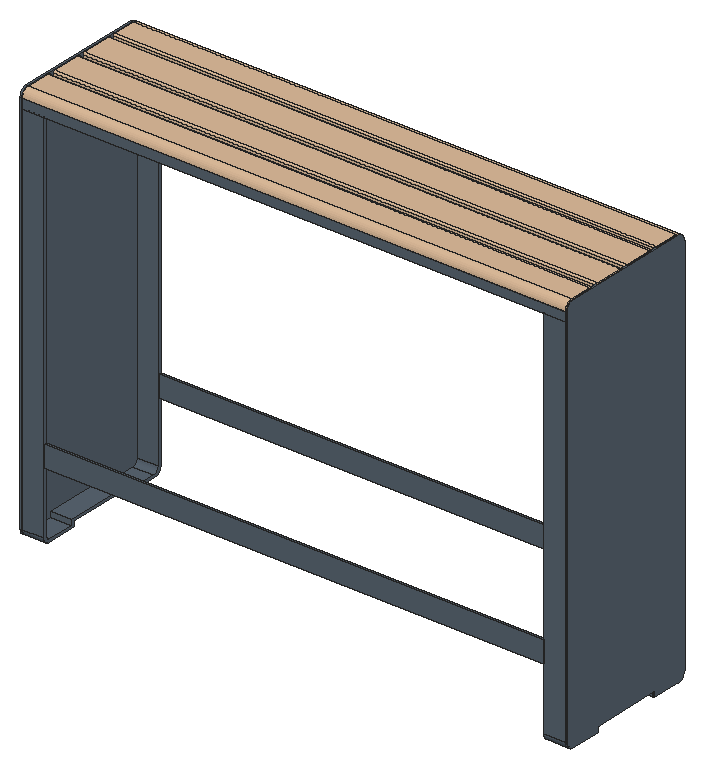
Revit family "product code 61111-S-L", category Meble, Revit 2021
Family settings
  Numer OmniClass = 23.40.20.00
  Tytuł OmniClass = General Furniture and Specialties
  Oparty na płaszczyźnie roboczej = Nie
  Zawsze pionowo = Tak
  Tnij formami wycięć po wczytaniu = Nie
  Współdzielony = Nie
  Punkt obliczania pomieszczeń = Nie
Parameters (values of type "61111-S-L")
  wood = Kobenhagen Wood - Larch
  metal = Kobenhagen RAL 5011
  Width = "40 cm"
  Weight = "60 kg"
  URL = "https://kobenhagen.com/en_US/p/Indre-By-Bar-Table/212"
  Product line = "Indre By"
  Product Groups = "Tables"
  Producent = "Lars Laj"
  Keynote = ""
  Opis = "Indre By Bar Table"
  Model = "61111-S-L"
  Material = "Larch, stainless steel, powder coated steel"
  Maintenance = "We recommend to examine and tighten all screws and bolt clamps after a few weeks’ use. In order to prevent cracks and to extend the life of the wood, it is recommended that the wood details should be oiled every 3-5 years."
  Lenght = "150 cm"
  Type Comments = ""
  Kobenhagen Materials = "larslaj.com/bim"
  Hosted on larslaj.com = "https://larslaj.com/bim"
  Height = "110 cm"
  Domyślna rzędna = 0 mm
  Copyright = "All designs and drawings are the intellectual property of Lars Laj A/S and are protected by Danish and international copyright laws."
Reference planes
  plane 1 "front": y = 0
  plane 2: z = 0
  plane 3 "Środek (Lewa/Prawa)": x = 0
  plane 4 "left": x = -745.625
  plane 5 "right": x = 745.938
  plane 6 "back": y = 400
  plane 7: x = -685.625
  plane 8: x = 685.937
  plane 9: z = 1057.23
  plane 10: z = 1051.778
Forms (mm)
  Extrusion 1, solid, material "Kobenhagen Wood - Larch" <- "wood"
    sketch origin (0, -51.281, 670.21) x (0, 1, 0) y (0, 0, 1)
      loop
        arc (263.304, 429.703) -> (259.768, 428.239) -> (258.304, 424.703) r 5
        line (258.304, 424.703) -> (258.304, 386.25)
        arc (258.304, 386.25) -> (258.878, 384.865) -> (260.264, 384.29) r 1.96
        line (260.264, 384.29) -> (346.304, 384.29)
        arc (346.304, 384.29) -> (347.718, 384.876) -> (348.304, 386.29) r 2
        line (348.304, 386.29) -> (348.304, 424.703)
        arc (348.304, 424.703) -> (346.839, 428.239) -> (343.304, 429.703) r 5
        line (343.304, 429.703) -> (263.304, 429.703)
    from -745.625 to 745.937
  Extrusion 2, solid, material "Kobenhagen Wood - Larch" <- "wood"
    sketch origin (0, -153.73, 670.21) x (0, 1, 0) y (0, 0, 1)
      loop
        arc (263.253, 429.703) -> (259.718, 428.239) -> (258.253, 424.703) r 5
        line (258.253, 424.703) -> (258.253, 386.25)
        arc (258.253, 386.25) -> (258.827, 384.865) -> (260.213, 384.29) r 1.96
        line (260.213, 384.29) -> (346.253, 384.29)
        arc (346.253, 384.29) -> (347.668, 384.876) -> (348.253, 386.29) r 2
        line (348.253, 386.29) -> (348.253, 424.703)
        arc (348.253, 424.703) -> (346.789, 428.239) -> (343.253, 429.703) r 5
        line (343.253, 429.703) -> (263.253, 429.703)
    from -745.625 to 745.937
  Extrusion 3, solid, material "Kobenhagen Wood - Larch" <- "wood"
    sketch origin (0, -256.23, 670.21) x (0, 1, 0) y (0, 0, 1)
      loop
        arc (275.801, 429.704) -> (261.087, 423.278) -> (255.798, 408.118) r 20.061
        line (255.798, 408.118) -> (258.916, 408.118) -> (258.916, 384.29) -> (343.754, 384.29)
        arc (343.754, 384.29) -> (345.168, 384.876) -> (345.753, 386.29) r 1.999
        line (345.753, 386.29) -> (345.753, 424.706)
        arc (345.753, 424.706) -> (344.29, 428.24) -> (340.756, 429.704) r 4.998
        line (340.756, 429.704) -> (275.801, 429.704)
    from -745.625 to 745.937
  Extrusion 4, solid, material "Kobenhagen RAL 5011" <- "metal", not visible
    sketch origin (0, 0, 0) x (0, 1, 0) y (0, 0, 1)
      loop
        arc (71.187, 451.5) -> (57.045, 445.642) -> (51.187, 431.5) r 20
        line (51.187, 431.5) -> (51.187, 18.231)
        arc (51.187, 18.231) -> (56.527, 5.34) -> (69.418, 0) r 18.231
        line (69.418, 0) -> (153.638, 0) -> (153.638, 15) -> (448.638, 15) -> (448.638, 0) -> (527.023, 0)
        arc (527.023, 0) -> (542.307, 6.331) -> (548.638, 21.615) r 21.615
        line (548.638, 21.615) -> (548.638, 429.407)
        arc (548.638, 429.407) -> (542.168, 445.029) -> (526.545, 451.5) r 22.093
        line (526.545, 451.5) -> (71.187, 451.5)
    from 750.378 to 745
  Extrusion 5, solid, material "Kobenhagen RAL 5011" <- "metal", not visible
    sketch origin (0, 0, 0) x (0, 1, 0) y (0, 0, 1)
      loop
        line (548.638, 396.844) -> (629.375, 854.725) -> (601.836, 859.581)
        arc (601.836, 859.581) -> (585.224, 855.898) -> (576.082, 841.547) r 22.232
        line (576.082, 841.547) -> (507.306, 451.5) -> (526.545, 451.5)
        arc (526.545, 451.5) -> (542.168, 445.029) -> (548.638, 429.407) r 22.093
        line (548.638, 429.407) -> (548.638, 396.844)
    from 745 to 750.378
  Extrusion 6, solid, material "Kobenhagen RAL 5011" <- "metal"
    sketch origin (0, -51.25, 0) x (0, -1, 0) y (0, 0, 1)
      loop
        line (-71.187, 1099.913) -> (-429.045, 1099.913)
        arc (-429.045, 1099.913) -> (-444.668, 1093.442) -> (-451.138, 1077.82) r 22.093
        line (-451.138, 1077.82) -> (-451.138, 21.615)
        arc (-451.138, 21.615) -> (-444.807, 6.331) -> (-429.523, 0) r 21.615
        line (-429.523, 0) -> (-351.138, 0) -> (-351.138, 15) -> (-153.638, 15) -> (-153.638, 0) -> (-69.418, 0)
        arc (-69.418, 0) -> (-56.527, 5.34) -> (-51.187, 18.231) r 18.231
        line (-51.187, 18.231) -> (-51.187, 1079.913)
        arc (-51.187, 1079.913) -> (-57.045, 1094.055) -> (-71.187, 1099.913) r 20
    from 750.725 to 745.625
  Extrusion 7, solid, material "Kobenhagen RAL 5011" <- "metal"
    sketch origin (0, -51.25, 0) x (0, 1, 0) y (0, 0, 1)
      loop
        line (451.138, 23.296) -> (451.138, 1054.5) -> (51.187, 1054.5) -> (51.187, 18.763)
        arc (51.187, 18.763) -> (56.683, 5.495) -> (69.95, 0) r 18.763
        line (69.95, 0) -> (153.638, 0) -> (153.638, 15) -> (351.138, 15) -> (351.138, 0) -> (427.842, 0)
        arc (427.842, 0) -> (444.315, 6.823) -> (451.138, 23.296) r 23.296
      loop
        line (58.687, 1048.5) -> (58.687, 18.763)
        arc (58.687, 18.763) -> (61.986, 10.799) -> (69.95, 7.5) r 11.263
        line (69.95, 7.5) -> (146.138, 7.5) -> (146.138, 22.5) -> (358.638, 22.5) -> (358.638, 7.5) -> (427.842, 7.5)
        arc (427.842, 7.5) -> (439.012, 12.127) -> (443.638, 23.296) r 15.796
        line (443.638, 23.296) -> (443.638, 1048.5) -> (58.687, 1048.5)
    from -745.625 to -685.625
  Extrusion 8, solid, material "Kobenhagen RAL 5011" <- "metal"
    sketch origin (0, -51.25, 646.028) x (0, 1, 0) y (0, 0, 1)
      loop
        line (53.936, 432.299) -> (51.187, 432.299) -> (51.187, 405.75) -> (75.655, 405.75) -> (75.655, 408.472) -> (53.936, 408.472) -> (53.936, 432.299)
    from -745.625 to 745.937
  Extrusion 9, solid, material "Kobenhagen Wood - Larch" <- "wood"
    sketch origin (0, 655.254, 670.21) x (0, -1, 0) y (0, 0, -1)
      loop
        line (275.801, -429.704) -> (340.733, -429.704)
        arc (340.733, -429.704) -> (344.267, -428.24) -> (345.731, -424.706) r 4.998
        line (345.731, -424.706) -> (345.731, -386.29)
        arc (345.731, -386.29) -> (345.145, -384.876) -> (343.731, -384.29) r 1.999
        line (343.731, -384.29) -> (257.955, -384.29) -> (257.955, -408.988) -> (255.751, -408.988)
        arc (255.751, -408.988) -> (261.386, -423.595) -> (275.801, -429.704) r 20.061
    from -745.625 to 745.938
  Extrusion 10, solid, material "Kobenhagen RAL 5011" <- "metal"
    sketch origin (0, 392.5, 0) x (1, 0, 0) y (0, 1, 0)
      loop
        line (-685.625, 7.437) -> (-685.625, -0.063) -> (685.937, -0.063) -> (685.937, 7.437) -> (-685.625, 7.437)
    from 189.995 to 249.995
  Extrusion 11, solid, material "Kobenhagen RAL 5011" <- "metal"
    sketch origin (0, -51.25, 0) x (0, -1, 0) y (0, 0, -1)
      loop
        arc (-71.187, -1099.913) -> (-57.045, -1094.055) -> (-51.187, -1079.913) r 20
        line (-51.187, -1079.913) -> (-51.187, -18.231)
        arc (-51.187, -18.231) -> (-56.527, -5.34) -> (-69.418, 0) r 18.231
        line (-69.418, 0) -> (-153.638, 0) -> (-153.638, -15) -> (-351.138, -15) -> (-351.138, 0) -> (-429.523, 0)
        arc (-429.523, 0) -> (-444.807, -6.331) -> (-451.138, -21.615) r 21.615
        line (-451.138, -21.615) -> (-451.138, -1077.82)
        arc (-451.138, -1077.82) -> (-444.668, -1093.442) -> (-429.045, -1099.913) r 22.093
        line (-429.045, -1099.913) -> (-71.187, -1099.913)
    from 750.725 to 745.625
  Extrusion 12, solid, material "Kobenhagen RAL 5011" <- "metal"
    sketch origin (0, -51.25, 0) x (0, 1, 0) y (0, 0, -1)
      loop
        arc (451.138, -23.296) -> (444.315, -6.823) -> (427.842, 0) r 23.296
        line (427.842, 0) -> (351.138, 0) -> (351.138, -15) -> (153.638, -15) -> (153.638, 0) -> (69.95, 0)
        arc (69.95, 0) -> (56.683, -5.495) -> (51.187, -18.763) r 18.763
        line (51.187, -18.763) -> (51.187, -1054.5) -> (451.138, -1054.5) -> (451.138, -23.296)
      loop
        line (58.687, -1048.5) -> (443.638, -1048.5) -> (443.638, -23.296)
        arc (443.638, -23.296) -> (439.012, -12.127) -> (427.842, -7.5) r 15.796
        line (427.842, -7.5) -> (358.638, -7.5) -> (358.638, -22.5) -> (146.138, -22.5) -> (146.138, -7.5) -> (69.95, -7.5)
        arc (69.95, -7.5) -> (61.986, -10.799) -> (58.687, -18.763) r 11.263
        line (58.687, -18.763) -> (58.687, -1048.5)
    from -745.625 to -685.625
  Extrusion 13, solid, material "Kobenhagen RAL 5011" <- "metal"
    sketch origin (0, 0, 0) x (1, 0, 0) y (0, 1, 0)
      loop
        line (-685.625, 7.437) -> (-685.625, -0.063) -> (685.937, -0.063) -> (685.937, 7.437) -> (-685.625, 7.437)
    from 189.995 to 249.995
  Extrusion 14, solid, material "Kobenhagen RAL 5011" <- "metal"
    sketch origin (0, 451.234, 646.028) x (0, -1, 0) y (0, 0, -1)
      loop
        line (53.936, -433.17) -> (53.936, -408.472) -> (75.655, -408.472) -> (75.655, -405.75) -> (51.187, -405.75) -> (51.187, -433.17) -> (53.936, -433.17)
    from -745.625 to 745.937
  Extrusion 15, solid, material "Kobenhagen RAL 5011" <- "metal"
    sketch origin (-146.881, -94.257, 631.563) x (0, 1, 0) y (0, 0, 1)
      loop
        line (469.837, 422.937) -> (118.662, 422.937) -> (118.662, 420.215) -> (469.837, 420.215) -> (469.837, 422.937)
    from 38.106 to -28.886
Lines and regions (mm)
  model lines, style "9"
    curve 1: line (264.233, -99.489, 0) -> (264.233, -93.489, 0)
    curve 2: line (264.233, -399.489, 0) -> (264.233, -405.489, 0)
    curve 3: line (-304.767, -99.489, 0) -> (-304.767, -93.489, 0)
    curve 4: line (-304.767, -399.489, 0) -> (-304.767, -405.489, 0)
    curve 5: line (-281.767, -99.489, 0) -> (-281.767, -93.489, 0)
    curve 6: line (-281.767, -399.489, 0) -> (-281.767, -405.489, 0)
    curve 9: line (0, -245.5, 21) -> (0, -239.5, 21)
    curve 10: line (0, -445.5, 21) -> (0, -451.5, 21)
  model lines, style "8"
    curve 7: line (0, -170.5, 1054) -> (0, -158, 1054)
    curve 8: line (0, -170.5, 1054) -> (0, -158, 1054)
Dimensions and locks
  Extrusion 1 sketch curve to Extrusion 1 sketch curve = 90 mm
  Extrusion 1 sketch curve to Extrusion 1 sketch curve = 45.413 mm
  Extrusion 2 sketch curve to Extrusion 2 sketch curve = 90 mm
  Extrusion 2 sketch curve to Extrusion 2 sketch curve = 45.413 mm
  Extrusion 3 sketch curve to Extrusion 3 sketch curve = 45.413 mm
  Extrusion 9 sketch curve to Extrusion 9 sketch curve = 45.413 mm
  plane 6 "back" to plane 1 "front" = 400 mm
  aligned and locked: level to plane 2
  aligned and locked: plane 5 "right" to Extrusion 1
  aligned and locked: Extrusion 1 to plane 4 "left"
  aligned and locked: plane 5 "right" to Extrusion 2
  aligned and locked: plane 5 "right" to Extrusion 3
  aligned and locked: Extrusion 2 to plane 4 "left"
  aligned and locked: Extrusion 3 to plane 4 "left"
  aligned and locked: plane 4 "left" to Extrusion 6
  aligned and locked: Extrusion 7 to plane 4 "left"
  aligned and locked: plane 7 to Extrusion 7
  aligned and locked: Extrusion 8 to plane 4 "left"
  aligned and locked: plane 5 "right" to Extrusion 8
  aligned and locked: plane 5 "right" to Extrusion 9
  aligned and locked: Extrusion 10 to plane 8
